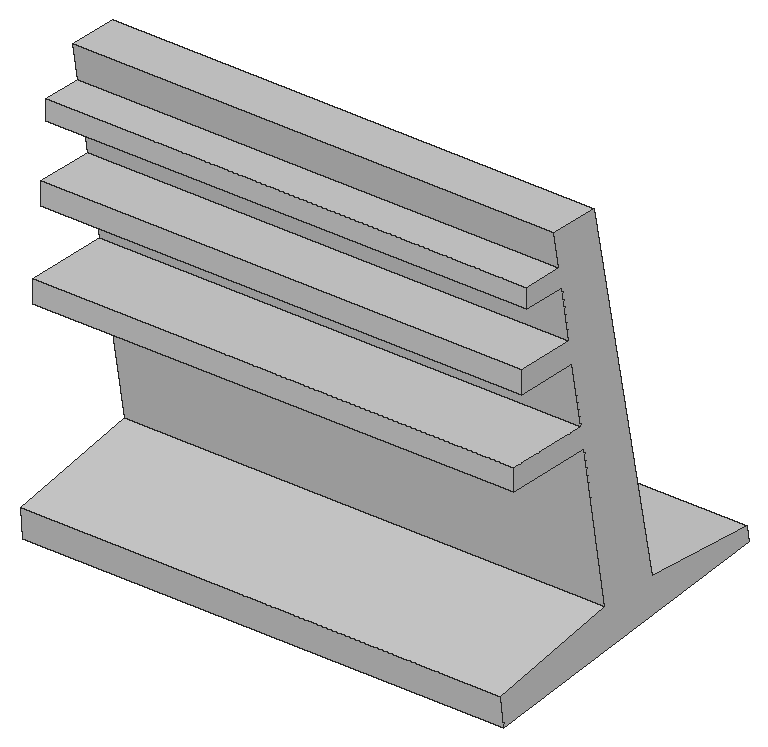
Revit family "b53fbe650b5f478fbdd00505d044edf8", category Structural Foundations, Revit 2021
Family settings
  Material for Model Behavior = Other
  Cap = No
  OmniClass Number = 23.10.20.14
  OmniClass Title = Retaining Walls
  Seek Item ID = RetainingWall_Par_Family_Shelf3-0000-USA-ENU
  Work Plane-Based = No
  Always vertical = Yes
  Cut with Voids When Loaded = No
  Shared = No
Parameters (values of type "Standard")
  h7 = h4 - h6  # 12' - 7.77719"
  h6 = Gw1 * tan(Alpha - Beta)  # -0' - 1.39854"
  h4 = (H - Gf3 * cos(Alpha) + Bw * sin(Alpha)) / cos(Beta)  # 12' - 6.37865"
  h3 = (H - Gf3 * cos(Alpha) + (Bw + Gw2) * sin(Alpha)) / cos(Beta)  # 12' - 8.92603"
  h2 = (Bw + Gw2) * sin(Alpha)  # 0' - 7.52605"
  h1 = Gf4 * cos(Alpha)  # 1' - 3.91235"
  TmpBs3 = Gf4 * sin(Alpha) + (Bw + Gw2) * cos(Alpha) + (H - Hs3 - Gs3 - h1 + h2) * sin(Beta) + Bs3  # 10' - 0.15079"
  TmpBs2 = Gf4 * sin(Alpha) + (Bw + Gw2) * cos(Alpha) + (H - Hs2 - Gs2 - h1 + h2) * sin(Beta) + Bs2  # 9' - 8.05482"
  TmpBs1 = Gf4 * sin(Alpha) + (Bw + Gw2) * cos(Alpha) + (H - Hs1 - Gs1 - h1 + h2) * sin(Beta) + Bs1  # 9' - 5.26427"
  Tmp2 = (Bw + Gf3 * tan(Alpha - Gamma)) * cos(Alpha - Gamma)  # 3' - 10.43524"
  Tmp1 = (Bw + Gw2 + Gf4 * tan(Alpha - Beta)) * cos(Alpha - Beta)  # 5' - 10.70851"
  Structural Material [instance] = Concrete, Cast-in-Place gray
  Length [instance] = 16' - 5"
  Hs3 = 6' - 5"
  Hs2 = 3' - 7"
  Hs1 = 1' - 2"
  H = 13' - 1"
  Gw2 = 2' - 0"
  Gw1 = 1' - 8"
  Gs3 = 0' - 9"
  Gs2 = 0' - 9"
  Gs1 = 0' - 8"
  Gf4 = 1' - 4"
  Gf3 = 1' - 2"
  Gf2 = 1' - 0"
  Gf1 = 0' - 6"
  Gamma2 = atan((Gw2 * cos(Alpha - Beta) - Gw1 * cos(Alpha - Beta)) / h7)  # 1.50597°
  Gamma = Gamma2 + Beta  # 11.506°
  Bw = 4' - 0"
  Bs3 = 3' - 0"
  Bs2 = 2' - 2"
  Bs1 = 1' - 6"
  Beta = 10.00°
  B = 10' - 6"
  Assembly Code = ""
  Alpha = 6.00°
Reference planes (in)
  plane 1 "Center (Front/Back)": y = 0
  plane 2: z = 0
  plane 3 "Center (Left/Right)": x = 0
  plane 4: z = 157
  plane 5: x = 197
  plane 6: z = 143
  plane 7: z = 135
  plane 8: y = -113.26427
  plane 9: z = 114
  plane 10: z = 105
  plane 11: y = -116.05482
  plane 12: z = 80
  plane 13: z = 71
  plane 14: y = -120.15079
Forms (in)
  Sweep 1, solid, material "Concrete, Cast-in-Place gray" <- "Structural Material"
    path origin (0, 0, 0) x (1, 0, 0) y (0, 1, 0)
      loop
        line (0, 0) -> (197, 0)
    profile "Shelf3-Profile : Shelf3-Profile" origin (98.5, 0, 0) x (0, 1, 0) y (0, 0, 1)
      loop
        line (-79.3466, 157) -> (-99.48264, 157) -> (-97.01406, 143) -> (-113.26427, 143) -> (-113.26427, 135) -> (-95.60344, 135) -> (-91.90058, 114) -> (-116.05482, 114) -> (-116.05482, 105) -> (-90.31363, 105) -> (-85.90546, 80) -> (-120.15079, 80) -> (-120.15079, 71) -> (-84.31852, 71) -> (-73.27803, 8.3863) -> (-126.5641, -1.23632) -> (-125.30976, -13.17059) -> (0, 0) -> (-0.62717, 5.96713) -> (-49.20045, 8.90594) -> (-79.3466, 157)
Dimensions and locks (in)
  "H": plane 4 to plane 2
  "Length": plane 3 "Center (Left/Right)" to plane 5
  "Hs1": plane 4 to plane 6
  "Gs1": plane 6 to plane 7
  "TmpBs1": plane 8 to plane 1 "Center (Front/Back)"
  "Hs2": plane 4 to plane 9
  "Gs2": plane 9 to plane 10
  "TmpBs2": plane 1 "Center (Front/Back)" to plane 11
  "Hs3": plane 4 to plane 12
  "Gs3": plane 12 to plane 13
  "TmpBs3": plane 1 "Center (Front/Back)" to plane 14
  aligned and locked: plane 3 "Center (Left/Right)" to Sweep 1 sketch curve
  aligned and locked: plane 5 to Sweep 1 sketch curve
  aligned and locked: plane 1 "Center (Front/Back)" to Sweep 1 sketch curve
